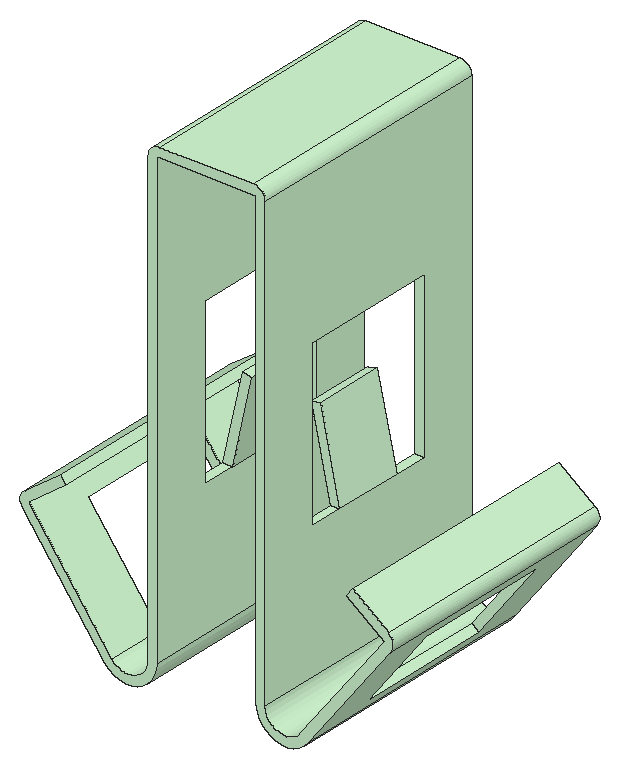
Revit family "osae_mesh_steel", category 機械設備, Revit 2022
Family settings
  丸型コネクタ寸法 = 直径を使用
  種別 = なし
  パーツ タイプ = 標準
  作業面ベース = いいえ
  常に垂直 = はい
  ロード時にボイドで切り取り = いいえ
  注釈の向きを維持 = いいえ
  共有 = いいえ
  部屋計算ポイント = いいえ
Parameters
  製造元 = "株式会社桐井製作所"
  既定の高さ = 0 mm
  URL = "https://www.kirii.co.jp/"
  K_品名 = "メッシュオサエスチール"
  K_名称 = "仕上げ材オサエ"
  K_入数 = "800"
  K_バージョン情報 = "20220915"
Reference planes
  plane 1 "中心(正面/背面)": y = 0
  plane 2: z = 0
  plane 3 "中心(左/右)": x = 0
Forms (mm)
  Extrusion 1, solid
    sketch origin (0, 0, 0) x (1, 0, 0) y (0, 0, 1)
      loop
        line (-15.2, -30.24) -> (-12, -27.84) -> (-12.48, -27.2) -> (-15.52, -29.48)
        arc (-15.52, -29.48) -> (-15.91, -30.139) -> (-15.72, -30.88) r 1
        line (-15.72, -30.88) -> (-8.7, -40.24)
        arc (-8.7, -40.24) -> (-5.909, -41.112) -> (-4.2, -38.74) r 2.5
        line (-4.2, -38.74) -> (-4.2, 0) -> (4.2, 0) -> (4.2, -38.74)
        arc (4.2, -38.74) -> (5.909, -41.112) -> (8.7, -40.24) r 2.5
        line (8.7, -40.24) -> (15.72, -30.88)
        arc (15.72, -30.88) -> (15.91, -30.139) -> (15.52, -29.48) r 1
        line (15.52, -29.48) -> (12.48, -27.2) -> (12, -27.84) -> (15.2, -30.24) -> (8.06, -39.76)
        arc (8.06, -39.76) -> (6.162, -40.353) -> (5, -38.74) r 1.7
        line (5, -38.74) -> (5, -0.2)
        arc (5, -0.2) -> (4.707, 0.507) -> (4, 0.8) r 1
        line (4, 0.8) -> (-4, 0.8)
        arc (-4, 0.8) -> (-4.707, 0.507) -> (-5, -0.2) r 1
        line (-5, -0.2) -> (-5, -38.74)
        arc (-5, -38.74) -> (-6.162, -40.353) -> (-8.06, -39.76) r 1.7
        line (-8.06, -39.76) -> (-15.2, -30.24)
    from -11 to 11
  Extrusion 2, void
    sketch origin (0, 0, 0) x (0, 1, 0) y (0, 0, 1)
      loop
        line (6, -13.2) -> (-6, -13.2) -> (-6, -27.2) -> (6, -27.2) -> (6, -13.2)
    from 4.2 to 5
  Extrusion 3, void
    sketch origin (-9.2, 0, 0) x (0, 1, 0) y (0, 0, 1)
      loop
        line (6, -13.2) -> (-6, -13.2) -> (-6, -27.2) -> (6, -27.2) -> (6, -13.2)
    from 4.2 to 5
  Extrusion 4, solid
    sketch origin (0, 0, 0.552) x (1, 0, 0) y (0, 0, 1)
      loop
        line (-5, -27.752) -> (-4.2, -27.752) -> (-2.539, -20.374) -> (-3.32, -20.2) -> (-5, -27.752)
    from -3 to 3
  Extrusion 5, solid
    sketch origin (0, 0, 0.552) x (-1, 0, 0) y (0, 0, -1)
      loop
        line (-5, 27.752) -> (-3.32, 20.2) -> (-2.539, 20.374) -> (-4.2, 27.752) -> (-5, 27.752)
    from -3 to 3
  Extrusion 6, void
    sketch origin (0, 0, 0) x (1, 0, 0) y (0, 0, 1)
      loop
        line (9.66, -38.96) -> (14.76, -32.16) -> (14.12, -31.68) -> (9.02, -38.48) -> (9.66, -38.96)
    from -6 to 6
  Extrusion 7, void
    sketch origin (0, 0, 0) x (-1, 0, 0) y (0, 0, -1)
      loop
        line (9.66, 38.96) -> (9.02, 38.48) -> (14.12, 31.68) -> (14.76, 32.16) -> (9.66, 38.96)
    from -6 to 6
Cuts and joins
  Extrusion 2, Extrusion 3, Extrusion 6, Extrusion 7 cuts Extrusion 1
  Extrusion 6, Extrusion 7 cuts Extrusion 4
  Extrusion 6, Extrusion 7 cuts Extrusion 5
  joined: Extrusion 1, Extrusion 4, Extrusion 5
Dimensions and locks
  aligned and locked: level to plane 2
